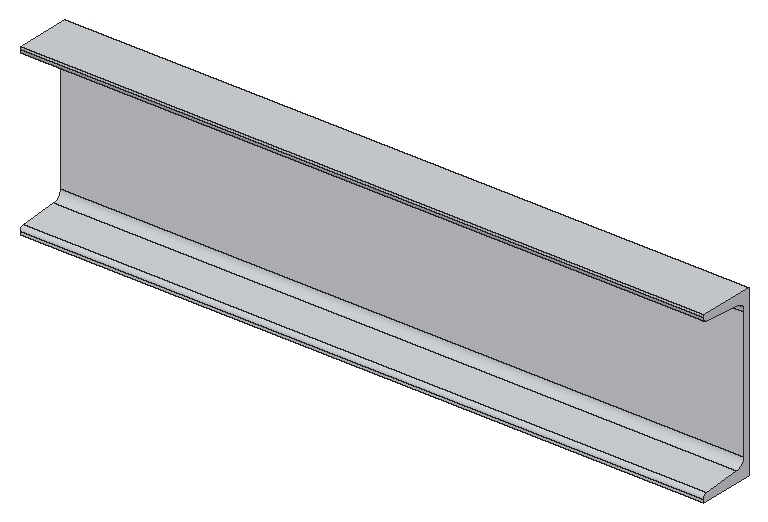
Revit family "StructuralFraming_TaperFlangeChannelProfile", category Structural Framing, Revit 2018
Family settings
  Structural Framing Length Roundoff = 1 mm
  Section Shape = C-channel Sloped Flange
  Material for Model Behavior = Steel
  Always export as geometry = No
  Always vertical = Yes
  Cut with Voids When Loaded = No
  Symbolic Representation = From Project Settings
  Shared = No
  Show family pre-cut in plan views = Yes
Parameters (values of type "TaperFlangeChannelProfile")
  Width = 100 mm
  Web Toe of Fillet = 0 mm
  Web Thickness = 10 mm
  Web Fillet = 16 mm
  Warping Constant = (empty or 0)
  Torsional Moment of Inertia = 0 cm⁴
  Torsional Modulus = 0 cm³
  Structural Material [instance] = none
  Sloped Flange Angle = 4.57°
  Shear Area weak axis = 0.0 cm²
  Shear Area strong axis = 0.0 cm²
  Section Area = 0.0 cm²
  Principal Axes Angle = 0.00°
  Plastic Modulus weak axis = 0 cm³
  Plastic Modulus strong axis = 0 cm³
  Perimeter = (empty or 0)
  Nominal Weight = 0 N/m
  Moment of Inertia weak axis = 0 cm⁴
  Moment of Inertia strong axis = 0 cm⁴
  Height = 300 mm
  Flange Thickness Location = Width / 2  # 50 mm
  Flange Thickness = 16 mm
  Flange Fillet = 8 mm
  Elastic Modulus weak axis = 0 cm³
  Elastic Modulus strong axis = 0 cm³
  Clear Web Height = 0 mm
  Centroid Vertical = 0 mm
  Centroid Horizontal = 27 mm
  Bolt Spacing = 0 mm
  built-in parameter 1005539 = (empty or 0)
  Assembly Code = ""
  Length [instance] = 1500 mm
Reference planes
  plane 1 "Center (Front/Back)": y = 0
  plane 2: z = 0
  plane 3 "Center (Left/Right)": x = 4.61
  plane 4 "Member Left": x = -604.99
  plane 5 "Member Right": x = 614.21
  plane 6: y = 27
  plane 7: y = -73
  plane 8 "Top": z = 150
  plane 9: z = -150
  plane 10 "Left": x = -757.39
  plane 11 "Right": x = 742.61
Forms (mm)
  Sweep 1, solid, material <- "Structural Material", detail levels medium
    path origin (0, 0, 0) x (1, 0, 0) y (0, 1, 0)
      loop
        line (614.21, 0) -> (-604.99, 0)
    profile "TaperFlangeChannelProfile-Medium : TaperFlangeChannelProfile-Medium" origin (4.61, 0, 0) x (0, -1, 0) y (0, 0, 1)
      loop
        line (73, 150) -> (-27, 150) -> (-27, -150) -> (73, -150) -> (73, -137.997) -> (23, -134) -> (-17, -130.803) -> (-17, 130.803) -> (23, 134) -> (73, 137.997) -> (73, 150)
  Sweep 2, solid, material <- "Structural Material", detail levels fine
    path origin (0, 0, 0) x (1, 0, 0) y (0, 1, 0)
      loop
        line (614.21, 0) -> (-604.99, 0)
    profile "TaperFlangeChannelProfile-Fine : TaperFlangeChannelProfile-Fine" origin (4.61, 0, 0) x (0, -1, 0) y (0, 0, 1)
      loop
        line (73, 150) -> (-27, 150) -> (-27, -150) -> (73, -150) -> (73, -145.383)
        arc (73, -145.383) -> (70.878, -139.956) -> (65.637, -137.408) r 8
        line (65.637, -137.408) -> (23, -134) -> (-2.275, -131.98)
        arc (-2.275, -131.98) -> (-12.756, -126.884) -> (-17, -116.031) r 16
        line (-17, -116.031) -> (-17, 116.031)
        arc (-17, 116.031) -> (-12.756, 126.884) -> (-2.275, 131.98) r 16
        line (-2.275, 131.98) -> (23, 134) -> (65.637, 137.408)
        arc (65.637, 137.408) -> (70.878, 139.956) -> (73, 145.383) r 8
        line (73, 145.383) -> (73, 150)
Lines and regions (mm)
  symbolic lines, style "Hidden Faces", detail levels medium+fine
    curve 1: line (-604.99, 0, 0) -> (614.21, 0, 0)
    curve 2: line (-604.99, 4.762, 128.5) -> (614.21, 4.762, 128.5)
    curve 3: line (-604.99, 4.763, -128.5) -> (614.21, 4.763, -128.5)
  symbolic lines, style "Stick Symbols", detail levels coarse
    curve 4: line (4.61, 27, 150) -> (4.61, -73, 150)
    curve 5: line (4.61, 27, -150) -> (4.61, 27, 150)
    curve 6: line (4.61, -73, -150) -> (4.61, 27, -150)
Dimensions and locks
  "Width": plane 6 to plane 7
  "Height": plane 9 to plane 8 "Top"
  "Centroid Horizontal": plane 6 to plane 1 "Center (Front/Back)"
  equal spacing: plane 9, plane 2, plane 8 "Top"
  "Length": plane 10 "Left" to plane 11 "Right"
  aligned and locked: Sweep 1 sketch curve to plane 1 "Center (Front/Back)"
  aligned and locked: Sweep 2 sketch curve to plane 1 "Center (Front/Back)"
  aligned and locked: plane 4 "Member Left" to Sweep 1 sketch curve
  aligned and locked: plane 5 "Member Right" to Sweep 1 sketch curve
  aligned and locked: plane 4 "Member Left" to Sweep 2 sketch curve
  aligned and locked: plane 5 "Member Right" to Sweep 2 sketch curve
  aligned and locked: plane 4 "Member Left" to curve 1
  aligned and locked: plane 5 "Member Right" to curve 1
  aligned and locked: plane 4 "Member Left" to curve 2
  aligned and locked: plane 5 "Member Right" to curve 2
  aligned and locked: plane 4 "Member Left" to curve 3
  aligned and locked: plane 5 "Member Right" to curve 3
Automatic sketch dimensions
  curve 1 to plane 1 "Center (Front/Back)" = 0 mm
  curve 3 to plane 9 = 21.5 mm
  plane 8 "Top" to curve 2 = 21.5 mm
  curve 5 to plane 6 = 0 mm
  plane 9 to curve 6 = 0 mm
  plane 8 "Top" to curve 5 = 0 mm
  curve 4 to plane 7 = 0 mm
  curve 6 to plane 7 = 0 mm
